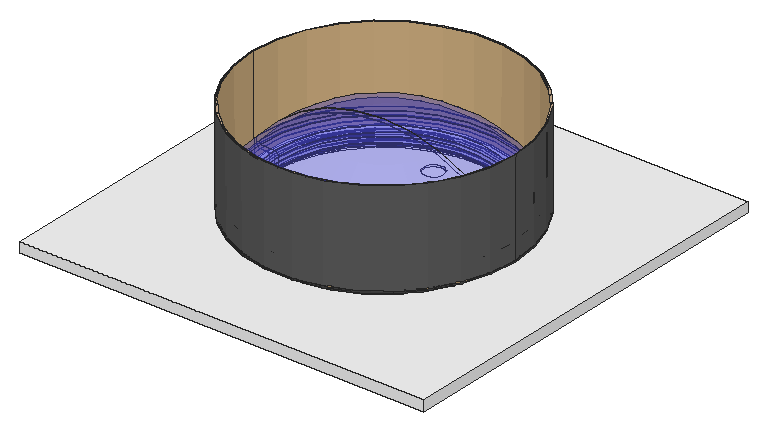
Revit family "BE_51012.4_de_DE", category Leuchten, Revit 2020
Family settings
  Basisbauteil = Fläche
  Bemaßung runder Anschluss = Durchmesser verwenden
  Teiletyp = Normal
  Beim Laden mit Abzugskörper schneiden = Ja
  Lichtquelle = Ja
  Gemeinsam genutzt = Nein
  Raumberechnungspunkt = Ja
Parameters (values of type "BEGA_51012.4_K3")
  built-in parameter 1150104 = 13.816 (stored number, unit not read)
  Wattage = 11.6 W
  Default Elevation = 0 mm
  built-in parameter 1150113 = 1 (stored number, unit not read)
  built-in parameter 1114218 = 1 (stored number, unit not read)
  Umgebungstemperatur = "25 °C"
  URL = "https://www.bega.com/de/produkt/51012.4"
  Typenkommentare = "© 2022 BEGA. Wir behalten uns das Recht vor, technische Änderungen ohne vorherige Ankündigung vorzunehmen."  # constant formula
  built-in parameter 1150134 = (empty or 0)
  built-in parameter 1150109 = 1 (stored number, unit not read)
  Strom = ""
  built-in parameter 1150110 = 1 (stored number, unit not read)
  Spannung = 239.996 V
  Sonderanfertigung = no
  Seriennummer [instance] = "Hier können Sie die eindeutige Seriennummer für das Facility Management eintragen."
  Schutzklasse = "I"
  Schutzart = "IP 20"
  Scheinlast = 0 VA
  Produktdatenblatt = "https://cdn.bega.com/bega/products/51012.4K3/current/documents/data-sheets/de"
  Oberflächentemperatur = ""
  Neigungswinkel = 0.00°
  Modell = "51012.4K3"
  Material_35 = BEGA_Oberfläche_Samtschwarz_matt
  Material_34 = BEGA_Oberfläche_Samtweiss_matt
  Material_31 = BEGA_Oberfläche_Messing_matt
  Material_14 = BEGA_Kunststoff_opal
  M_W = no
  M_G = no
  M_A = no
  Logo = 0
  built-in parameter 1114217 = 1 (stored number, unit not read)
  built-in parameter 1150139 = (empty or 0)
  built-in parameter 1150105 = 137.27 (stored number, unit not read)
  built-in parameter 1150114 = 1 (stored number, unit not read)
  Lumens = 1725.04 lm
  built-in parameter 1150115 = 1 (stored number, unit not read)
  Leuchtenlichtstrom = "961 lm"
  Leuchtenanzahl = ""
  Lebensdauerkriterien = "L70B50 @ 25 °C = 131000 h"
  Lastklassifizierung = Beleuchtung
  built-in parameter 1150112 = 1 (stored number, unit not read)
  Lampenlichtstrom = "1725 lm"
  Lampe = "LED 11.6 W"
  LED_Modulbezeichnung = "LED-0509/930"
  Hersteller = "BEGA"  # constant formula
  Halbstreuwinkel = ""
  Gewicht = "1.55 kg"
  Gebrauchslageneinschränkung [instance] = ""
  Frequenz = "50-60 Hz"
  Farbwiedergabeindex = "CRI > 90"
  Farbtemperaturverschiebung bei Dämpfen der Lampe = <Keine Auswahl>
  Farbtemperatur = "3000 K"
  Color Filter = 16777215
  built-in parameter 1150133 = 10 (stored number, unit not read)
  Energieeffizienzklasse = "LED A++ - A"
  built-in parameter 1150137 = (empty or 0)
  built-in parameter 1150132 = (empty or 0)
  ENEC = "ja"
  Dimmbar [instance] = "on/off"
  Datei für fotometrisches Netz = "BE_51012.4K3.IES"
  CE_Konformität = "ja"
  Bestellnummer = "51012.4K3"
  Beschreibung_Sonderanfertigung = "Hier können Sie Informationen zur Sonderanfertigung eintragen."
  Beschreibung = "Deckenleuchte"
  built-in parameter 1150106 = 1.3727 (stored number, unit not read)
  Befestigungsbohrung = "Ø 5,5 mm"
  Befestigungsabstand = "180 mm"
  Ballwurfsicher = ""
  BEGA_Intern_aus = yes
  BEGA_Intern_an = yes
  BEGA_Intern_Konstruktion = yes
  BEGA_Intern = yes
  BEGA_IES = yes
  BEGA_Dummy = no
  Anschlussleitung = ""
  Anschlussleistung [instance] = "15.5 W"
  Anschlusskasten = ""
  built-in parameter 1150107 = 3000 (stored number, unit not read)
  built-in parameter 1150102 = (empty or 0)
  built-in parameter 1150138 = (empty or 0)
  Aktualisierung = "2022-12-14T04:00:03"
  Abstand_zur_angestrahlten_Fläche [instance] = ""
  AC/DC = "AC"
Reference planes
  plane 1 "Mitte (Vorne/Hinten)": y = 0
  plane 2: z = 0
  plane 3 "Mitte (Links/Rechts)": x = 0
  plane 4 "Links": x = -130.816
  plane 5 "Rechts": x = 130.988
  plane 6 "Unten": y = -130.896
  plane 7 "Oben": y = 130.91
  plane 8 "Vorne": z = 104.998
  plane 9 "Hinten": z = 0
Forms (mm)
  Extrusion 1, solid, material "BEGA_Platte_Weiss"
    sketch origin (0, -1119.2, 0) x (1, 0, 0) y (0, 1, 0)
      loop
        line (-200, 1319.2) -> (-200, 919.2) -> (200, 919.2) -> (200, 1319.2) -> (-200, 1319.2)
    from 0 to -10
  Extrusion 2, solid, material "BEGA_Dummy_matt", visible <- "BEGA_Dummy"
    sketch origin (77.149, -76.023, 0) x (1, 0, 0) y (0, 1, 0)
      loop
        circle (-77.149, 76.023) r 130.825
    from 0 to 104.995
Dimensions and locks
  plane 1 "Mitte (Vorne/Hinten)" to Extrusion 1 = 200 mm
  aligned and locked: Extrusion 1 to plane 2
  aligned and locked: Extrusion 1 to level
Nested families
  nested 1: "BE_51012.4_Leuchte" at (0, 0, 0), type "BE_51012.4_Leuchte"
Connectors
  electrical at (0, 0, 0), driven by "Lastklassifizierung", driven by "Spannung", driven by "Scheinlast"
    settings: index 1, voltage 239.996 V, apparent load 0 VA, apparent load phase1 0 VA, apparent load phase2 0 VA, apparent load phase3 0 VA, power factor 1, load classification "Beleuchtung", number of poles 1, system type 31, power factor state 1, is connector primary yes, connector utility no, sub classification motor no, connector description ""
Definition of nested family "BE_51012.4_Leuchte"
  Parameters (values of type "BEGA_51012.4_K3")
    Default Elevation = 1 mm
    URL = "https://www.bega.com/de/produkt/51012.4"
    Type Comments = "© 2015 BEGA. Wir behalten uns das Recht vor, technische Änderungen ohne vorherige Ankündigung vorzunehmen. "  # constant formula
    Type Image = (empty or 0)
    Material_35 = none
    Material_34 = none
    Material_31 = none
    Material_14 = none
    Länge_Platte = 200 mm  # constant formula
    Höhe_Platte = -10 mm  # constant formula
    Manufacturer = "BEGA"  # constant formula
    Breite_Platte = 200 mm  # constant formula
  Reference planes
    plane 1 "Mitte (Oben/Unten)": y = 0
    plane 2: z = 0
    plane 3 "Mitte (Links/Rechts)": x = 0
    plane 4: y = 130.91
    plane 5: x = 130.988
    plane 6: y = -130.896
    plane 7: x = -130.816
    plane 8: z = 104.998
    plane 9: z = 0
  Forms (mm)
    Extrusion 1, solid, detail levels medium
      sketch origin (0, 0, 0) x (1, 0, 0) y (0, 1, 0)
        loop
          line (-100, 100) -> (-100, -100) -> (100, -100) -> (100, 100) -> (-100, 100)
      from 0 to -10 <- "Höhe_Platte"
    Revolve 2, solid, material <- "Material_34"
      sketch origin (0, 0, 0) x (1, 0, 0) y (0, 0, 1)
        loop
          line (115.329, 20) -> (117.5, 20) -> (117.5, 21) -> (115.331, 21)
          arc (115.331, 21) -> (114.063, 20.484) -> (113.524, 19.225) r 1.8
          line (113.524, 19.225) -> (113.276, 4.974)
          arc (113.276, 4.974) -> (112.826, 3.93) -> (111.774, 3.5) r 1.5
          line (111.774, 3.5) -> (0, 3.5) -> (0, 2.5) -> (111.777, 2.5)
          arc (111.777, 2.5) -> (113.501, 3.19) -> (114.274, 4.878) r 2.5
          line (114.274, 4.878) -> (114.524, 19.21)
          arc (114.524, 19.21) -> (114.764, 19.771) -> (115.329, 20) r 0.8
        axis (0, 2.5) -> (0, 21)
      angle from 0 to 360
    Extrusion 3, void
      sketch origin (0, 0, 0) x (1, 0, 0) y (0, 1, 0)
        loop
          circle (-15.69, 81.009) r 10
        loop
          circle (15, 80) r 10
        loop
          circle (-90, 0) r 2.75
        loop
          circle (90, 0) r 2.75
      from 0 to 4.878
    Revolve 4, solid, material <- "Material_14"
      sketch origin (0, 0, 0) x (1, 0, 0) y (0, 0, 1)
        loop
          arc (0, 87.2) -> (67.014, 72.201) -> (121.239, 30.065) r 157.2
          arc (121.239, 30.065) -> (122.17, 27.888) -> (121.777, 25.553) r 4.2
          line (121.777, 25.553) -> (107.481, 24.804)
          arc (107.481, 24.804) -> (104.796, 23.561) -> (103.7, 20.813) r 4
          line (103.7, 20.813) -> (103.7, 17) -> (103.7, 11.774)
          arc (103.7, 11.774) -> (104.098, 10.28) -> (105.186, 9.182) r 3.003
          line (105.186, 9.182) -> (107.458, 7.87)
          arc (107.458, 7.87) -> (108.492, 6.868) -> (108.941, 5.5) r 3.003
          line (108.941, 5.5) -> (112.75, 5.5) -> (112.75, 8.743)
          arc (112.75, 8.743) -> (112.644, 9.141) -> (112.354, 9.434) r 0.801
          line (112.354, 9.434) -> (108, 11.947)
          arc (108, 11.947) -> (107.634, 12.314) -> (107.5, 12.814) r 1.001
          line (107.5, 12.814) -> (107.5, 17) -> (107.5, 20.051)
          arc (107.5, 20.051) -> (107.774, 20.739) -> (108.446, 21.05) r 1
          line (108.446, 21.05) -> (121.856, 21.752)
          arc (121.856, 21.752) -> (123.904, 22.445) -> (125.293, 24.103) r 4
          arc (125.293, 24.103) -> (125.93, 28.446) -> (124.179, 32.472) r 8
          arc (124.179, 32.472) -> (68.64, 75.635) -> (0, 91) r 161
          line (0, 91) -> (0, 87.2)
        axis (0, 5.5) -> (0, 91)
      angle from 0 to 360
    Revolve 5, solid, material <- "Material_35"
      sketch origin (0, 0, 0) x (1, 0, 0) y (0, 0, 1)
        loop
          line (130.498, 11.487) -> (130.825, 104.995) -> (129.825, 104.998) -> (129.498, 11.491)
          arc (129.498, 11.491) -> (129.203, 10.79) -> (128.5, 10.5) r 0.998
          line (128.5, 10.5) -> (116.927, 10.5)
          arc (116.927, 10.5) -> (116.003, 10.122) -> (115.609, 9.205) r 1.318
          line (115.609, 9.205) -> (115.5, 2.974)
          arc (115.5, 2.974) -> (114.899, 1.576) -> (113.491, 1) r 2.009
          line (113.491, 1) -> (110.5, 1) -> (110.5, 0) -> (113.491, 0)
          arc (113.491, 0) -> (115.6, 0.863) -> (116.5, 2.956) r 3.009
          line (116.5, 2.956) -> (116.614, 9.5) -> (128.5, 9.5)
          arc (128.5, 9.5) -> (129.909, 10.081) -> (130.498, 11.487) r 1.998
        axis (0, 0) -> (0, 104.998)
      angle from 0 to 360
    Revolve 6, solid, material <- "Material_31"
      sketch origin (0, 0, 0) x (1, 0, 0) y (0, 0, 1)
        loop
          line (110.5, 2.5) -> (110.5, 1) -> (113.491, 1)
          arc (113.491, 1) -> (114.899, 1.576) -> (115.5, 2.974) r 2.009
          line (115.5, 2.974) -> (115.606, 9.033)
          arc (115.606, 9.033) -> (115.987, 9.999) -> (116.905, 10.487) r 1.5
          line (116.905, 10.487) -> (128.998, 10.487)
          arc (128.998, 10.487) -> (129.725, 11.09) -> (130, 11.995) r 1.645
          line (130, 11.995) -> (130.325, 104.995) -> (129.325, 104.995) -> (128.998, 11.487) -> (116.846, 11.487)
          arc (116.846, 11.487) -> (115.266, 10.693) -> (114.606, 9.052) r 2.5
          line (114.606, 9.052) -> (114.491, 2.5) -> (110.5, 2.5)
        axis (0, 1) -> (0, 104.995)
      angle from 0 to 360
  Cuts and joins
    Extrusion 3 cuts Revolve 2
  Dimensions and locks
    equal spacing: Extrusion 1 sketch curve, plane 3 "Mitte (Links/Rechts)", Extrusion 1 sketch curve
    equal spacing: Extrusion 1 sketch curve, plane 1 "Mitte (Oben/Unten)", Extrusion 1 sketch curve
    "Länge_Platte": Extrusion 1 sketch curve to Extrusion 1 sketch curve
    "Breite_Platte": Extrusion 1 sketch curve to Extrusion 1 sketch curve
    plane 1 "Mitte (Oben/Unten)" to Extrusion 1 = 100 mm  (x3)
    aligned and locked: plane 2 to Extrusion 1
    aligned and locked: level to Extrusion 1
  Automatic sketch dimensions
    Extrusion 3 sketch curve to plane 3 "Mitte (Links/Rechts)" = 15.69 mm
    plane 3 "Mitte (Links/Rechts)" to Extrusion 3 sketch curve = 15 mm
    Extrusion 3 sketch curve to plane 1 "Mitte (Oben/Unten)" = 80 mm
    Extrusion 3 sketch curve to Extrusion 3 sketch curve = 1.009 mm
    Revolve 2 sketch curve to Revolve 2 sketch curve = 0 mm  (x5)
    Revolve 2 sketch curve to plane 3 "Mitte (Links/Rechts)" = 0 mm  (x2)
    Revolve 2 sketch curve to Revolve 2 sketch curve = 0.003 mm  (x2)
    level to Revolve 2 sketch curve = 19.225 mm
    Revolve 2 sketch curve to Revolve 2 sketch curve = 1.747 mm
    level to Revolve 2 sketch curve = 19.21 mm
    Revolve 2 sketch curve to Revolve 2 sketch curve = 1 mm  (x2)
    Revolve 2 sketch curve to Revolve 2 sketch curve = 0.8 mm
    Revolve 2 sketch curve to Revolve 2 sketch curve = 0.004 mm
    Revolve 2 sketch curve to Revolve 2 sketch curve = 0.002 mm  (x2)
    Revolve 2 sketch curve to Revolve 2 sketch curve = 2.169 mm
    level to Revolve 2 sketch curve = 2.5 mm
    Revolve 2 sketch curve to Revolve 2 sketch curve = 1.5 mm
    Revolve 2 sketch curve to Revolve 2 sketch curve = 0.01 mm
    Revolve 2 sketch curve to Revolve 2 sketch curve = 1.497 mm
    level to Revolve 2 sketch curve = 4.974 mm
    Revolve 2 sketch curve to Revolve 2 sketch curve = 0.998 mm
    Revolve 2 sketch curve to level = 609.6 mm
    Revolve 2 sketch curve to Revolve 2 sketch curve = 2588.058 mm
    plane 3 "Mitte (Links/Rechts)" to Revolve 2 sketch curve = 111.777 mm
    level to Revolve 2 sketch curve = 5 mm
    Revolve 2 sketch curve to Revolve 2 sketch curve = 0.096 mm
    Revolve 4 sketch curve to plane 3 "Mitte (Links/Rechts)" = 0 mm  (x3)
    plane 3 "Mitte (Links/Rechts)" to Revolve 4 sketch curve = 0 mm
    level to Revolve 4 sketch curve = 27.391 mm
    plane 3 "Mitte (Links/Rechts)" to Revolve 4 sketch curve = 118 mm
    Revolve 4 sketch curve to level = 70 mm
    Revolve 4 sketch curve to Revolve 4 sketch curve = 0 mm  (x15)
    level to Revolve 4 sketch curve = 87.2 mm
    Revolve 4 sketch curve to Revolve 4 sketch curve = 3.239 mm
    Revolve 4 sketch curve to Revolve 4 sketch curve = 2.94 mm
    Revolve 4 sketch curve to Revolve 4 sketch curve = 4.054 mm
    Revolve 4 sketch curve to Revolve 4 sketch curve = 5.962 mm
    Revolve 4 sketch curve to Revolve 4 sketch curve = 539.6 mm
    Revolve 4 sketch curve to Revolve 4 sketch curve = 2518.058 mm
    Revolve 4 sketch curve to Revolve 4 sketch curve = 3.647 mm
    level to Revolve 4 sketch curve = 25.553 mm
    Revolve 4 sketch curve to Revolve 4 sketch curve = 0.13 mm
    Revolve 4 sketch curve to Revolve 4 sketch curve = 0.193 mm
    level to Revolve 4 sketch curve = 24.804 mm
    Revolve 4 sketch curve to Revolve 4 sketch curve = 10.519 mm
    level to Revolve 4 sketch curve = 21.05 mm
    Revolve 4 sketch curve to Revolve 4 sketch curve = 0.965 mm
    Revolve 4 sketch curve to Revolve 4 sketch curve = 0.079 mm
    level to Revolve 4 sketch curve = 21.752 mm
    Revolve 4 sketch curve to Revolve 4 sketch curve = 0.746 mm
    Revolve 4 sketch curve to Revolve 4 sketch curve = 0.239 mm
    Revolve 4 sketch curve to Revolve 4 sketch curve = 0.003 mm
    Revolve 4 sketch curve to Revolve 4 sketch curve = 3.813 mm
    Revolve 4 sketch curve to Revolve 4 sketch curve = 0.054 mm
    Revolve 4 sketch curve to Revolve 4 sketch curve = 0.759 mm
    Revolve 4 sketch curve to Revolve 4 sketch curve = 3.051 mm
    level to Revolve 4 sketch curve = 11.774 mm
    Revolve 4 sketch curve to Revolve 4 sketch curve = 3.8 mm
    level to Revolve 4 sketch curve = 17 mm
    Revolve 4 sketch curve to Revolve 4 sketch curve = 1.04 mm
    Revolve 4 sketch curve to Revolve 4 sketch curve = 1.001 mm
    Revolve 4 sketch curve to Revolve 4 sketch curve = 3.448 mm
    Revolve 4 sketch curve to Revolve 4 sketch curve = 0.405 mm
    Revolve 4 sketch curve to Revolve 4 sketch curve = 0.691 mm
    level to Revolve 4 sketch curve = 11.947 mm
    Revolve 4 sketch curve to Revolve 4 sketch curve = 0.5 mm
    Revolve 4 sketch curve to Revolve 4 sketch curve = 0.396 mm
    level to Revolve 4 sketch curve = 9.182 mm
    Revolve 4 sketch curve to Revolve 4 sketch curve = 1.486 mm
    Revolve 4 sketch curve to Revolve 4 sketch curve = 1.298 mm
    Revolve 4 sketch curve to Revolve 4 sketch curve = 0.174 mm
    level to Revolve 4 sketch curve = 7.87 mm
    Revolve 4 sketch curve to Revolve 4 sketch curve = 2.272 mm
    Revolve 4 sketch curve to Revolve 4 sketch curve = 3.243 mm
    Revolve 4 sketch curve to Revolve 4 sketch curve = 1.511 mm
    Revolve 4 sketch curve to Revolve 4 sketch curve = 2.595 mm
    Revolve 4 sketch curve to Revolve 4 sketch curve = 1.483 mm
    Revolve 5 sketch curve to Revolve 5 sketch curve = 0 mm  (x10)
    Revolve 5 sketch curve to plane 3 "Mitte (Links/Rechts)" = 0 mm
    Revolve 5 sketch curve to level = 0 mm
    level to Revolve 5 sketch curve = 1 mm
    plane 3 "Mitte (Links/Rechts)" to Revolve 5 sketch curve = 110.5 mm
    Revolve 5 sketch curve to Revolve 5 sketch curve = 2.991 mm
    level to Revolve 5 sketch curve = 2.974 mm
    Revolve 5 sketch curve to Revolve 5 sketch curve = 2.009 mm
    level to Revolve 5 sketch curve = 9.205 mm
    Revolve 5 sketch curve to Revolve 5 sketch curve = 0.109 mm
    level to Revolve 5 sketch curve = 2.956 mm
    Revolve 5 sketch curve to Revolve 5 sketch curve = 1 mm  (x3)
    level to Revolve 5 sketch curve = 9.5 mm
    Revolve 5 sketch curve to Revolve 5 sketch curve = 1.005 mm
    Revolve 5 sketch curve to Revolve 5 sketch curve = 0.313 mm
    Revolve 5 sketch curve to Revolve 5 sketch curve = 11.573 mm
    level to Revolve 5 sketch curve = 11.491 mm
    Revolve 5 sketch curve to Revolve 5 sketch curve = 0.998 mm
    Revolve 5 sketch curve to Revolve 5 sketch curve = 0.326 mm
    level to Revolve 5 sketch curve = 11.487 mm
    Revolve 5 sketch curve to Revolve 5 sketch curve = 0.035 mm
    Revolve 5 sketch curve to Revolve 5 sketch curve = 0.318 mm
    Revolve 5 sketch curve to Revolve 5 sketch curve = 0.007 mm
    Revolve 5 sketch curve to Revolve 5 sketch curve = 93.508 mm
    Revolve 5 sketch curve to Revolve 5 sketch curve = 0.003 mm
    Revolve 5 sketch curve to level = 609.6 mm
    Revolve 5 sketch curve to Revolve 5 sketch curve = 2504.06 mm
    Revolve 6 sketch curve to Revolve 6 sketch curve = 0 mm  (x4)
    Revolve 6 sketch curve to plane 3 "Mitte (Links/Rechts)" = 0 mm
    level to Revolve 6 sketch curve = 2.5 mm
    plane 3 "Mitte (Links/Rechts)" to Revolve 6 sketch curve = 110.5 mm
    Revolve 6 sketch curve to Revolve 6 sketch curve = 2.991 mm
    Revolve 6 sketch curve to Revolve 6 sketch curve = 1 mm  (x3)
    level to Revolve 6 sketch curve = 9.052 mm
    Revolve 6 sketch curve to Revolve 6 sketch curve = 1.115 mm
    level to Revolve 6 sketch curve = 9.033 mm
    Revolve 6 sketch curve to Revolve 6 sketch curve = 1.24 mm
    Revolve 6 sketch curve to Revolve 6 sketch curve = 0.059 mm
    Revolve 6 sketch curve to Revolve 6 sketch curve = 0.201 mm
    Revolve 6 sketch curve to Revolve 6 sketch curve = 11.509 mm
    Revolve 6 sketch curve to Revolve 6 sketch curve = 0.97 mm
    level to Revolve 6 sketch curve = 1 mm
    Revolve 6 sketch curve to Revolve 6 sketch curve = 0.509 mm
    Revolve 6 sketch curve to Revolve 6 sketch curve = 0.033 mm
    Revolve 6 sketch curve to Revolve 6 sketch curve = 92.994 mm
    Revolve 6 sketch curve to Revolve 6 sketch curve = 1.008 mm
    level to Revolve 6 sketch curve = 2.974 mm
    Revolve 6 sketch curve to Revolve 6 sketch curve = 1.002 mm
    Revolve 6 sketch curve to level = 609.6 mm
    Revolve 6 sketch curve to Revolve 6 sketch curve = 2504.063 mm
    Revolve 6 sketch curve to Revolve 6 sketch curve = 0.643 mm
    Revolve 6 sketch curve to Revolve 6 sketch curve = 0.508 mm
    radius of Extrusion 3 sketch curve = 10 mm  (x2)
